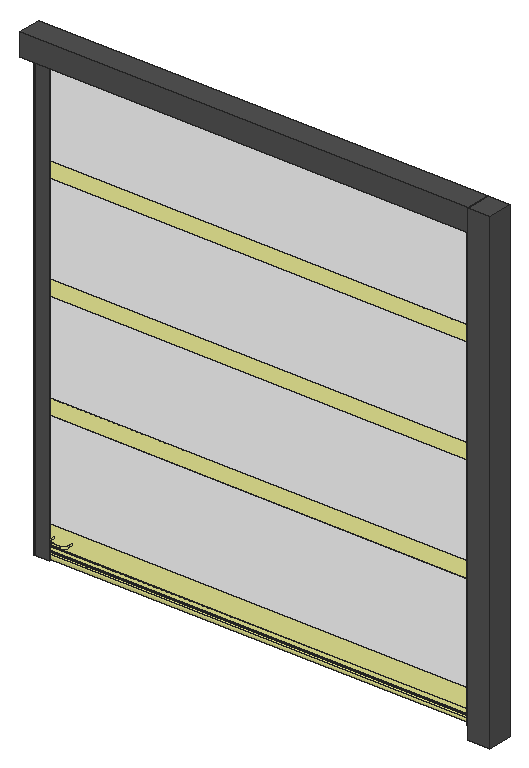
Revit family "Door_Bug_SuperSeal_8000", category Doors, host Wall, Revit 2011
Parameters (values of type "ByType")
  Wind Load = ""
  Water Penetration = ""
  Sound Transmission Class (STC) = 0
  RO Offset = 0' - 0 1/2"
  Panel Material = Fabric - Vinyl - Super Seal - Screen - White
  Panel Height = 6' - 0"
  Max Door Width = 12' - 0"
  Max Door Height = 12' - 0"
  Manufacturer Phone = "800-337-3239 "
  Manual Crank = yes
  Function = Interior
  Frame Thickness = 0' - 5"
  Frame Finish = Metal - Steel - Super Seal - Painted - Black
  Electric Motor = ""
  Building Code Conformance = ""
  Air Infiltration = ""
  Accent Material = Fabric - Vinyl - Super Seal - Yellow
  ASTM Conformance = ""
  Panel Width = 2' - 0"
  Warranty Duration (Years) = 0
  URL = "http://www.supersealmfg.com/"
  Thickness = 0' - 0 1/4"
  Test Data = ""
  Specification = ""
  SpecWizard = ""
  Send Message = "http://www.arcat.com/users.pl?action=UserEmail&company=Super-Seal%20Mfg.%20Ltd&coid=44693&rep=119&fax=905-850-4440 &mf="
  Sales Information = "http://www.supersealmfg.com/ContactUs.htm"
  Rough Width = (Width + (RO Offset * 2))  # 9' - 1"
  Rough Height = (Height + (RO Offset))  # 9' - 3"
  R_Value = 0
  Product Properties = ""
  Product Data = "http://arcat.com/arcatcos/cos44/arc44693.html?isac=1&r=1"
  Manufacturer Website = "http://www.supersealmfg.com/"
  Manufacturer Phone - Toll Free = "800-337-3239 "
  Manufacturer Fax = "905-850-4440 "
  Manufacturer Address = "670 Rowntree Dairy Rd. Woodbridge , ON, Canada L4L-5T8"
  Maintenance Schedule (Months) = 0
  Installation-Fabrication = ""
  Installation Phase = ""
  Green Building-LEED = ""
  Model = "As Specified"
  Manufacturer = "Super-Seal Mfg. Ltd"
  Keynote = "08300"
  Height = 9' - 2 1/2"
  Wall Closure = By host
  Width = 9' - 0"
  Fire Rating = "As Specified"
  Expected Lifespan (Years) = 0
  Drawn By = "Sumex Design, Inc. / Robert S. Weygant, CSI, CDT, SCIP"
  Description = "Super Seal "
  Copyright = "©Arcat Inc."
  Construction Details = "http://arcat.com/details/supersea/supersea.html?coid=44693"
  Building Codes = ""
  Assembly Code = ""
  ADA Compliant = yes
  AAMA Designation = ""
Reference planes (in)
  plane 1 "Center (Front/Back)": y = -33.96225
  plane 2 "Center (Left/Right)": x = 64.28704
  plane 3: z = 0
  plane 4 "Right": x = 118.28704
  plane 5 "Left": x = 10.28704
  plane 6 "Closure": y = -35.96225
  plane 7: z = 0
  plane 8 "Top of Frame": z = 110.5
  plane 9 "RO Top": z = 111
  plane 10 "RO Right": x = 118.78704
  plane 11 "RO Left": x = 9.78704
  plane 12 "Frame Int": y = -40.96225
  plane 13: x = 142.28704
  plane 14: z = 48
Lines and regions (in)
  Opening 1
    outline origin (-109.33485, -35.96225, 0) x (1, 0, 0) y (0, 0, 1)
      loop
        line (119.12189, 0) -> (228.12189, 0) -> (228.12189, 111) -> (119.12189, 111) -> (119.12189, 0)
Text (in)
  text "Exterior" at (36.47868, -4.19089, 0), in view "A101 - Plan View"
  text "Interior" at (36.47868, -56.64559, 0), in view "A101 - Plan View"
  text "Exterior" at (0, -17.98638, 123.01588), in view "Right"
  text "Interior" at (0, -64.39139, 123.01588), in view "Right"
  text "Interior" at (0, -52.09468, 121.14095), in view "Left"
  text "Exterior" at (0, 26.35325, 123.00693), in view "Left"
Dimensions and locks (in)
  equal spacing: plane 4 "Right", plane 2 "Center (Left/Right)", plane 5 "Left"
  "Width": plane 5 "Left" to plane 4 "Right"
  "Height": level to plane 8 "Top of Frame"
  "RO Offset": plane 5 "Left" to plane 11 "RO Left"
  "RO Offset": plane 10 "RO Right" to plane 4 "Right"
  "RO Offset": plane 9 "RO Top" to plane 8 "Top of Frame"
  "Frame Thickness": plane 12 "Frame Int" to host wall
  locked: plane 14 to level at 48
  locked: plane 4 "Right" to plane 13 at 24
  aligned and locked: host wall to plane 1 "Center (Front/Back)"
  aligned and locked: host wall to plane 6 "Closure"
  aligned and locked: Opening 1 sketch curve to level
  aligned and locked: plane 10 "RO Right" to Opening 1 sketch curve
  aligned and locked: Opening 1 sketch curve to plane 9 "RO Top"
  aligned and locked: plane 11 "RO Left" to Opening 1 sketch curve
  aligned and locked: plane 2 "Center (Left/Right)" to nested 1
  aligned and locked: host wall to nested 1
  aligned and locked: plane 2 "Center (Left/Right)" to nested 2
  aligned and locked: host wall to nested 2
Nested families (in)
  nested 1: "Frame_8000" at (64.28704, -35.96225, 0), Material <- "Frame Finish", Opening Width <- "Width", Opening Height <- "Height", type "Frame_8000"
    with offset 0' - 0", Opening Width 9' - 0", Opening Height 9' - 2 1/2", Material Metal - Steel - Super Seal - Painted - Black, Manual Crank no
  nested 2: "Door_8000" at (64.28704, -35.96225, 0), Opening Width <- "Width", Opening Height <- "Height", Material <- "Panel Material", Accent Material <- "Accent Material", type "Door_8000"
    with offset 0' - 0", Opening Width 9' - 0", Opening Height 9' - 2 1/2", Material Fabric - Vinyl - Super Seal - Screen - White, Accent Material Fabric - Vinyl - Super Seal - Yellow
Definition of nested family "Frame_8000"
  Parameters
    offset [instance] = 0' - 0"
    Warranty Duration (Years) = 0
    Unit Width = 2' - 8"
    Unit Height = 2' - 8"
    Unit Depth = 1' - 1 1/2"
    URL = "http://www.supersealmfg.com/"
    Specification = ""
    SpecWizard = ""
    Send Message = "http://www.arcat.com/users.pl?action=UserEmail&company=Super-Seal%20Mfg.%20Ltd&coid=44693&rep=119&fax=905-850-4440 &mf="
    Sales Information = "http://www.supersealmfg.com/ContactUs.htm"
    Revision = "R1_07-2011"
    Product Properties = ""
    Product Data = "http://arcat.com/arcatcos/cos44/arc44693.html?isac=1&r=1"
    Opening Width [instance] = 6' - 0"
    Opening Height [instance] = 8' - 0"
    Model = "As Specified"
    Material [instance] = none
    Manufacturer Website = "http://www.supersealmfg.com/"
    Manufacturer Phone - Toll Free = "800-337-3239 "
    Manufacturer Phone = "800-337-3239 "
    Manufacturer Fax = "905-850-4440 "
    Manufacturer Address = "670 Rowntree Dairy Rd. Woodbridge , ON, Canada L4L-5T8"
    Manufacturer = "Super-Seal Mfg. Ltd"
    Manual Crank [instance] = no
    Maintenance Schedule (Months) = 0
    Keynote = ""
    Installation-Fabrication = ""
    Installation Phase = ""
    Green Building-LEED = ""
    Expected Lifespan (Years) = 0
    Drawn By = "Sumex Design, Inc. / Robert S. Weygant, CSI, CDT, SCIP"
    Description = "Super Seal"
    Copyright = "©Arcat Inc."
    Construction Details = "http://arcat.com/details/supersea/supersea.html?coid=44693"
    Assembly Code = ""
  Reference planes (in)
    plane 1 "Center (Front/Back)": y = 0
    plane 2 "Bottom": z = 0
    plane 3 "Center (Left/Right)": x = 0
    plane 4 "Front": y = -13.5
    plane 5 "Left": x = -36
    plane 6 "Right": x = 36
    plane 7 "Top": z = 96
    plane 8: x = -40.125
    plane 9: x = 40.125
    plane 10: y = -6.3071
    plane 11: x = 45.875
    plane 12: z = 109
    plane 13 "Axle Plane": y = -3.1192
    plane 14: y = -6.125
  Forms (in)
    Extrusion 1, solid, material <- "Material"
      sketch origin (0, 0, 0) x (1, 0, 0) y (0, 1, 0)
        loop
          line (36, 0) -> (36, -0.1188) -> (40, -0.1188) -> (40, -1.4946) -> (36.12, -1.4946) -> (36.12, -1.6146) -> (40.125, -1.6146) -> (40.125, 0) -> (36, 0)
        loop
          line (-36, 0) -> (-40.125, 0) -> (-40.125, -1.6146) -> (-36.12, -1.6146) -> (-36.12, -1.4946) -> (-40, -1.4946) -> (-40, -0.1188) -> (-36, -0.1188) -> (-36, 0)
      from 0 to 103.25
    Extrusion 2, solid, material <- "Material"
      sketch origin (0, 0, 0) x (1, 0, 0) y (0, 1, 0)
        loop
          line (40.125, -6.3071) -> (45.875, -6.3071) -> (45.875, 0) -> (40.125, 0) -> (40.125, -6.3071)
      from 0 to 109
    Extrusion 3, solid, material <- "Material"
      sketch origin (-40.125, 7.21723, 48) x (0, 1, 0) y (0, 0, 1)
        loop
          line (-7.21723, 61) -> (-13.34223, 61) -> (-13.34223, 55.25) -> (-7.21723, 55.25) -> (-7.21723, 61)
      from 0 to 80.25
  Dimensions and locks (in)
    equal spacing: plane 5 "Left", plane 3 "Center (Left/Right)", plane 6 "Right"
    "Opening Width": plane 5 "Left" to plane 6 "Right"
    "Unit Depth": plane 1 "Center (Front/Back)" to plane 4 "Front"
    "Opening Height": plane 7 "Top" to level
    locked: plane 6 "Right" to plane 9 at 4.125
    locked: plane 8 to plane 5 "Left" at 4.125
    locked: plane 10 to plane 1 "Center (Front/Back)" at 6.3071
    locked: plane 6 "Right" to plane 11 at 9.875
    locked: plane 12 to plane 7 "Top" at 13
    locked: plane 12 to Extrusion 1 at 5.75
    plane 13 "Axle Plane" to plane 1 "Center (Front/Back)" = 0' - 3.1192"
    aligned and locked: plane 12 to Extrusion 2
    aligned and locked: plane 9 to Extrusion 3
  Automatic sketch dimensions
    Extrusion 2 sketch curve to plane 1 "Center (Front/Back)" = 0' - 0"
    Extrusion 2 sketch curve to plane 9 = 0' - 0"
    Extrusion 2 sketch curve to plane 11 = 0' - 0"
    Extrusion 2 sketch curve to plane 10 = 0' - 0"
    Extrusion 1 sketch curve to plane 1 "Center (Front/Back)" = 0' - 0"  (x2)
    Extrusion 1 sketch curve to plane 8 = 0' - 0"
    Extrusion 1 sketch curve to plane 5 "Left" = 0' - 0"
    Extrusion 1 sketch curve to plane 6 "Right" = 0' - 0"
    Extrusion 1 sketch curve to plane 9 = 0' - 0"
    plane 8 to Extrusion 1 sketch curve = 0' - 0 1/8"
    Extrusion 1 sketch curve to plane 5 "Left" = 0' - 0.12"
    plane 6 "Right" to Extrusion 1 sketch curve = 0' - 0.12"
    Extrusion 1 sketch curve to plane 9 = 0' - 0 1/8"
    Extrusion 1 sketch curve to Extrusion 1 sketch curve = 0' - 0.1188"
    plane 1 "Center (Front/Back)" to Extrusion 1 sketch curve = 0' - 0.1188"
    Extrusion 1 sketch curve to Extrusion 1 sketch curve = 0' - 1.3758"  (x2)
    Extrusion 1 sketch curve to Extrusion 1 sketch curve = 0' - 0.12"  (x2)
    Extrusion 3 sketch curve to plane 12 = 0' - 0"
    Extrusion 3 sketch curve to plane 14 = 0' - 0"
    Extrusion 3 sketch curve to plane 1 "Center (Front/Back)" = 0' - 0"
    Extrusion 3 sketch curve to Extrusion 3 sketch curve = 0' - 5 3/4"
Definition of nested family "Door_8000"
  Parameters
    offset [instance] = 0' - 0"
    Warranty Duration (Years) = 0
    Unit Width = 2' - 8"
    Unit Height = 2' - 8"
    Unit Depth = 1' - 1 1/2"
    URL = "http://www.supersealmfg.com/"
    Specification = ""
    SpecWizard = ""
    Send Message = "http://www.arcat.com/users.pl?action=UserEmail&company=Super-Seal%20Mfg.%20Ltd&coid=44693&rep=119&fax=905-850-4440 &mf="
    Sales Information = "http://www.supersealmfg.com/ContactUs.htm"
    Revision = "R1_07-2011"
    Product Properties = ""
    Product Data = "http://arcat.com/arcatcos/cos44/arc44693.html?isac=1&r=1"
    Opening Width [instance] = 6' - 0"
    Opening Height [instance] = 8' - 0"
    Model = "As Specified"
    Material [instance] = none
    Manufacturer Website = "http://www.supersealmfg.com/"
    Manufacturer Phone - Toll Free = "800-337-3239 "
    Manufacturer Phone = "800-337-3239 "
    Manufacturer Fax = "905-850-4440 "
    Manufacturer Address = "670 Rowntree Dairy Rd. Woodbridge , ON, Canada L4L-5T8"
    Manufacturer = "Super-Seal Mfg. Ltd"
    Maintenance Schedule (Months) = 0
    Keynote = ""
    Installation-Fabrication = ""
    Installation Phase = ""
    Green Building-LEED = ""
    Expected Lifespan (Years) = 0
    Drawn By = "Sumex Design, Inc. / Robert S. Weygant, CSI, CDT, SCIP"
    Description = "Super Seal"
    Copyright = "©Arcat Inc."
    Construction Details = "http://arcat.com/details/supersea/supersea.html?coid=44693"
    Assembly Code = ""
    Accent Material [instance] = none
  Reference planes (in)
    plane 1 "Center (Front/Back)": y = 0
    plane 2 "Bottom": z = 0
    plane 3 "Center (Left/Right)": x = 0
    plane 4 "Left": x = -36
    plane 5 "Right": x = 36
    plane 6 "Top": z = 96
    plane 7: z = 109
    plane 8: y = -0.5
    plane 9: z = 103.25
    plane 10: z = 55.5625
    plane 11: z = 79.40625
    plane 12: z = 31.71875
    plane 13: x = -39.5
    plane 14: x = 39.5
    plane 15: z = 7.875
  Forms (in)
    Extrusion 1, solid, material <- "Material"
      sketch origin (-36, -0.5, 48) x (-1, 0, 0) y (0, 0, 1)
        loop
          line (3.5, 53.25) -> (-75.5, 53.25) -> (-75.5, 33.40625) -> (3.5, 33.40625) -> (3.5, 53.25)
        loop
          line (3.5, 29.40625) -> (-75.5, 29.40625) -> (-75.5, 9.5625) -> (3.5, 9.5625) -> (3.5, 29.40625)
        loop
          line (3.5, 5.5625) -> (-75.5, 5.5625) -> (-75.5, -14.28125) -> (3.5, -14.28125) -> (3.5, 5.5625)
        loop
          line (3.5, -18.28125) -> (-75.5, -18.28125) -> (-75.5, -40.125) -> (3.5, -40.125) -> (3.5, -18.28125)
      from 0 to -0.125
    Extrusion 2, solid, material <- "Accent Material"
      sketch origin (-36, -0.5, 48) x (-1, 0, 0) y (0, 0, 1)
        loop
          line (3.5, 55.25) -> (-75.5, 55.25) -> (-75.5, 53.25) -> (3.5, 53.25) -> (3.5, 55.25)
        loop
          line (3.5, 33.40625) -> (-75.5, 33.40625) -> (-75.5, 29.40625) -> (3.5, 29.40625) -> (3.5, 33.40625)
        loop
          line (3.5, 9.5625) -> (-75.5, 9.5625) -> (-75.5, 5.5625) -> (3.5, 5.5625) -> (3.5, 9.5625)
        loop
          line (3.5, -14.28125) -> (-75.5, -14.28125) -> (-75.5, -18.28125) -> (3.5, -18.28125) -> (3.5, -14.28125)
        loop
          line (3.5, -40.125) -> (-75.5, -40.125) -> (-75.5, -45) -> (3.5, -45) -> (3.5, -40.125)
      from 0 to -0.125
    Extrusion 3, solid, material <- "Accent Material"
      sketch origin (-39.5, 7.02547, 48) x (0, 1, 0) y (0, 0, 1)
        loop
          arc (-7.38611, -48) -> (-7.20894, -47.45957) -> (-7.17076, -46.89212) r 2.2843
          arc (-7.17076, -46.89212) -> (-7.22119, -46.65791) -> (-7.34043, -46.45011) r 0.77874
          arc (-7.34043, -46.45011) -> (-7.40856, -46.30946) -> (-7.40895, -46.15318) r 0.35132
          line (-7.40895, -46.15318) -> (-7.15895, -46.15318) -> (-7.15895, -45.97807) -> (-7.42034, -45.97807) -> (-7.42034, -45) -> (-7.75561, -45) -> (-7.75561, -45.97807) -> (-8.017, -45.97807) -> (-8.017, -46.15318) -> (-7.767, -46.15318)
          arc (-7.767, -46.15318) -> (-7.76739, -46.30946) -> (-7.83552, -46.45011) r 0.35132
          arc (-7.83552, -46.45011) -> (-7.95476, -46.65791) -> (-8.00519, -46.89212) r 0.77874
          arc (-8.00519, -46.89212) -> (-7.96701, -47.45957) -> (-7.78984, -48) r 2.2843
          line (-7.78984, -48) -> (-7.38611, -48)
      from 0 to 79
    Sweep 4, solid, material <- "Accent Material"
      path origin (0, 0, 0) x (1, 0, 0) y (0, 1, 0)
        loop
          line (-35.75, -0.625) -> (-35.75, -1.625)
          arc (-35.75, -1.625) -> (-35.45711, -2.33211) -> (-34.75, -2.625) r 1
          line (-34.75, -2.625) -> (-32.25, -2.625)
          arc (-32.25, -2.625) -> (-31.54289, -2.33211) -> (-31.25, -1.625) r 1
          line (-31.25, -1.625) -> (-31.25, -0.625)
      profile origin (-35.75, -1.125, 0) x (1, 0, 0) y (0, 0, 1)
        loop
          line (-0.08682, 5.22601) -> (-0.08682, 4.77399) -> (0, 4.77399) -> (0, 5.22601) -> (-0.08682, 5.22601)
  Cuts and joins
    joined: Extrusion 2, Sweep 4
  Dimensions and locks (in)
    equal spacing: plane 4 "Left", plane 3 "Center (Left/Right)", plane 5 "Right"
    "Opening Width": plane 4 "Left" to plane 5 "Right"
    "Opening Height": plane 6 "Top" to level
    locked: plane 7 to plane 6 "Top" at 13
    locked: plane 1 "Center (Front/Back)" to plane 8 at 0.5
    locked: plane 7 to plane 9 at 5.75
    equal spacing: plane 9, plane 11, plane 10, plane 12, plane 15
    locked: plane 5 "Right" to plane 14 at 3.5
    locked: plane 13 to plane 4 "Left" at 3.5
    locked: plane 15 to level at 7.875
    aligned and locked: plane 14 to Extrusion 3
    aligned: profile plane to Sweep 4 sketch curve
  Automatic sketch dimensions
    Extrusion 3 sketch curve to level = 0' - 0"
    Extrusion 3 sketch curve to plane 8 = 0' - 1 237/256"
    Extrusion 3 sketch curve to plane 8 = 0' - 0.58424"
    Extrusion 3 sketch curve to Extrusion 3 sketch curve = 0' - 0.09272"
    Extrusion 3 sketch curve to plane 8 = 0' - 0.47971"
    Extrusion 3 sketch curve to Extrusion 3 sketch curve = 0' - 0"  (x4)
    Extrusion 3 sketch curve to Extrusion 3 sketch curve = 0' - 0.05697"  (x2)
    Extrusion 3 sketch curve to plane 8 = 0' - 0.31004"
    plane 1 "Center (Front/Back)" to Extrusion 3 sketch curve = 0' - 0.76436"
    Extrusion 3 sketch curve to plane 8 = 0' - 0.24152"
    Extrusion 3 sketch curve to Extrusion 3 sketch curve = 0' - 0.01139"
    plane 8 to Extrusion 3 sketch curve = 0' - 0.10513"
    plane 8 to Extrusion 3 sketch curve = 0' - 0.11652"
    plane 8 to Extrusion 3 sketch curve = 0' - 0.13936"
    plane 8 to Extrusion 3 sketch curve = 0' - 0.18504"
    plane 1 "Center (Front/Back)" to Extrusion 3 sketch curve = 0' - 0.20226"
    plane 1 "Center (Front/Back)" to Extrusion 3 sketch curve = 0' - 0.13348"
    plane 1 "Center (Front/Back)" to Extrusion 3 sketch curve = 0' - 0.04076"
    Extrusion 3 sketch curve to plane 1 "Center (Front/Back)" = 0' - 1 77/256"
    level to Extrusion 3 sketch curve = 0' - 0.97629"  (x2)
    Extrusion 3 sketch curve to Extrusion 3 sketch curve = 0' - 0.17511"  (x2)
    Extrusion 3 sketch curve to Extrusion 3 sketch curve = 0' - 0.97807"
    Extrusion 2 sketch curve to plane 14 = 0' - 0"  (x5)
    Extrusion 2 sketch curve to plane 9 = 0' - 0"
    Extrusion 2 sketch curve to plane 13 = 0' - 0"  (x5)
    Extrusion 2 sketch curve to plane 9 = 0' - 2"
    plane 11 to Extrusion 2 sketch curve = 0' - 2"
    Extrusion 2 sketch curve to plane 11 = 0' - 2"
    plane 10 to Extrusion 2 sketch curve = 0' - 2"
    Extrusion 2 sketch curve to plane 10 = 0' - 2"
    plane 12 to Extrusion 2 sketch curve = 0' - 2"
    Extrusion 2 sketch curve to plane 12 = 0' - 2"
    level to Extrusion 2 sketch curve = 0' - 7 7/8"
    Extrusion 2 sketch curve to Extrusion 2 sketch curve = 0' - 4 7/8"
    Extrusion 1 sketch curve to plane 14 = 0' - 0"  (x4)
    Extrusion 1 sketch curve to plane 13 = 0' - 0"  (x4)
    Extrusion 1 sketch curve to plane 15 = 0' - 0"
    Extrusion 1 sketch curve to plane 12 = 0' - 2"
    plane 12 to Extrusion 1 sketch curve = 0' - 2"
    Extrusion 1 sketch curve to plane 10 = 0' - 2"
    plane 10 to Extrusion 1 sketch curve = 0' - 2"
    Extrusion 1 sketch curve to plane 11 = 0' - 2"
    plane 11 to Extrusion 1 sketch curve = 0' - 2"
    Extrusion 1 sketch curve to plane 9 = 0' - 2"
    plane 4 "Left" to Sweep 4 sketch curve = 0' - 0 1/4"
    Sweep 4 sketch curve to Sweep 4 sketch curve = 0' - 1"  (x3)
    Sweep 4 sketch curve to Sweep 4 sketch curve = 0' - 2 1/2"
    Sweep 4 sketch curve to plane 8 = 0' - 0 1/8"  (x2)
    profile plane to Sweep 4 sketch curve = 0' - 0"
    profile plane to Sweep 4 sketch curve = 0' - 0.08682"
    level to Sweep 4 sketch curve = 0' - 4.77399"
    level to Sweep 4 sketch curve = 0' - 5.22601"
